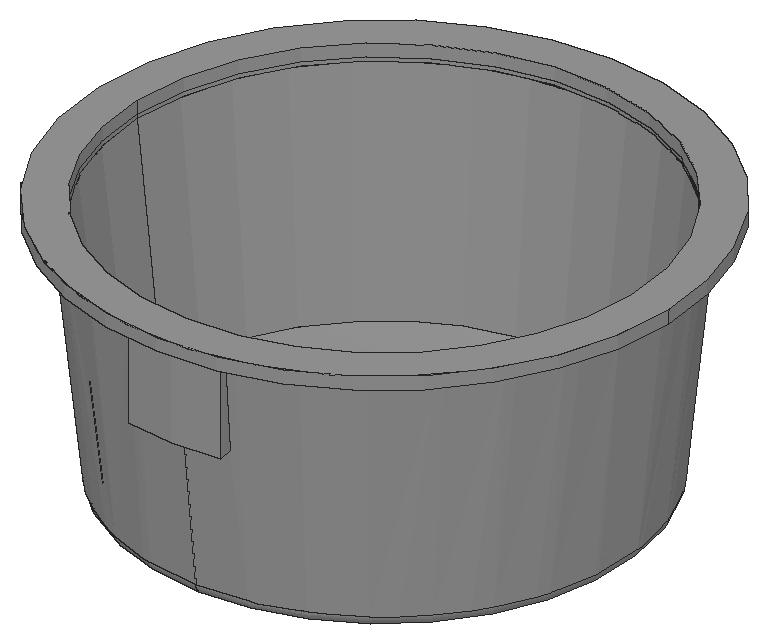
Revit family "BUILDMAT-SGQCSB00-Douglas-Granite-Sink-Black", category Plumbing Fixtures, host Face, Revit 2026
Family settings
  Host = Face
  Round Connector Dimension = Use Diameter
  Part Type = Normal
  Enable Cutting in Views = Yes
  Cut with Voids When Loaded = No
  Maintain Annotation Orientation = No
  Shared = No
  Room Calculation Point = No
Parameters
  Width = 460 mm
  Sink_Material = BUILDMAT Matte Black Granite
  Drain_Material = BUILDMAT Stainless Steel
  Depth = 210 mm
  Default Elevation = 1219.2 mm
Reference planes
  plane 1 "Center (Front/Back)": y = 0
  plane 2: z = 0
  plane 3 "Center (Left/Right)": x = 0
  plane 4: x = 230
  plane 5: x = -230
  plane 6: x = -200
  plane 7: x = 200
  plane 8: y = -230
  plane 9: y = 230
  plane 10: y = 200
  plane 11: y = -200
  plane 12: z = 10
  plane 13: z = -195
  plane 14: z = -200
  plane 15: x = -45
  plane 16: x = 45
  plane 17: y = -180
  plane 18: y = 180
  plane 19: z = -180
  plane 20: z = -185
  plane 21: x = 57
  plane 22: x = -57
  plane 23: y = 137.5
  plane 24: y = 23.5
  plane 25: y = 35.46
  plane 26: y = 125.476
Forms (mm)
  Extrusion 1, void
    sketch origin (0, -97.938, 0) x (1, 0, 0) y (0, 1, 0)
      loop
        circle (0, 97.931) r 215
    from -200 to 10
  Extrusion 2, solid, material "BUILDMAT Matte Black Granite" <- "Sink_Material"
    sketch origin (0, 0, 0) x (1, 0, 0) y (0, 1, 0)
      loop
        circle (0, 0) r 215
      loop
        circle (0, 0) r 200
    from -3 to 0
  Revolve 3, solid, material "BUILDMAT Matte Black Granite" <- "Sink_Material"
    sketch origin (0, 0, 0) x (0, 1, 0) y (0, 0, 1)
      loop
        line (210, -3) -> (0, -3) -> (0, -195) -> (180.988, -195)
        arc (180.988, -195) -> (187.682, -192.428) -> (190.934, -186.036) r 10
        line (190.934, -186.036) -> (210, -3)
      axis (0, -195) -> (0, -3)
    angle from 0 to 360
  Extrusion 4, solid, material "BUILDMAT Matte Black Granite" <- "Sink_Material"
    sketch origin (0, 0, 0) x (1, 0, 0) y (0, 1, 0)
      loop
        circle (0, 0) r 230
      loop
        circle (0, 0) r 200
    from 0 to 10
  Revolve 5, solid, material "BUILDMAT Matte Black Granite" <- "Sink_Material"
    sketch origin (0, 0, 0) x (0, 1, 0) y (0, 0, 1)
      loop
        line (-215, -3) -> (-215, -73) -> (-200, -73) -> (-207.034, -3) -> (-215, -3)
      axis (0, -73) -> (0, -3)
    angle from -10 to 10
  Blend 6, void
    base sketch origin (0, 0, 0) x (1, 0, 0) y (0, 1, 0)
      loop
        circle (0, 0) r 180
    top sketch origin (0, 0, 0) x (1, 0, 0) y (0, 1, 0)
      loop
        circle (0, 0) r 200
    from -180 to 0
  Blend 7, void
    base sketch origin (0, 0, 0) x (1, 0, 0) y (0, 1, 0)
      loop
        circle (0, 80.5) r 57
    top sketch origin (0, 0, 0) x (1, 0, 0) y (0, 1, 0)
      loop
        circle (0, 0) r 180
    from -185 to -180
  Revolve 8, solid
    sketch origin (0, 0, 0) x (0, 1, 0) y (0, 0, 1)
      loop
        line (10.648, -195) -> (15.648, -200) -> (35.46, -200) -> (35.46, -195) -> (10.648, -195)
      axis (80.418, -195) -> (80.418, -200)
    angle from 0 to 360
  Revolve 9, void
    sketch origin (0, 0, 0) x (0, 1, 0) y (0, 0, 1)
      loop
        line (80.518, -185) -> (80.518, -195) -> (125.476, -195) -> (125.476, -190) -> (137.5, -190) -> (137.5, -185) -> (80.518, -185)
      axis (80.518, -195) -> (80.518, -185)
    angle from 0 to 360
  Revolve 10, solid, material "BUILDMAT Stainless Steel" <- "Drain_Material"
    sketch origin (-229.098, 80.476, 1224.2) x (-1, 0, 0) y (0, 0, 1)
      loop
        line (-184.098, -1419.2) -> (-172.098, -1419.2) -> (-172.098, -1409.2) -> (-182.098, -1409.2)
        arc (-182.098, -1409.2) -> (-183.512, -1409.786) -> (-184.098, -1411.2) r 2
        line (-184.098, -1411.2) -> (-184.098, -1419.2)
      axis (-229.098, -1409.2) -> (-229.098, -1419.2)
    angle from 0 to 360
  Revolve 11, solid, material "BUILDMAT Stainless Steel" <- "Drain_Material"
    sketch origin (-229.098, 80.476, 1224.2) x (-1, 0, 0) y (0, 0, 1)
      loop
        line (-184.098, -1411.2) -> (-186.098, -1411.2)
        spline (-186.098, -1411.2) -> (-186.465, -1411.853) -> (-187.563, -1412.494) -> (-189.371, -1413.113) -> (-191.858, -1413.7) -> (-194.983, -1414.244) -> (-198.692, -1414.736) -> (-202.921, -1415.167) -> (-207.598, -1415.53) -> (-212.642, -1415.819) -> (-217.968, -1416.03) -> (-223.485, -1416.157) -> (-229.098, -1416.2)
        line (-229.098, -1416.2) -> (-229.098, -1419.2) -> (-184.098, -1419.2) -> (-184.098, -1411.2)
      axis (-229.098, -1411.2) -> (-229.098, -1419.2)
    angle from 0 to 360
Cuts and joins
  Revolve 9 cuts Extrusion 2
  Blend 6, Blend 7, Revolve 9 cuts Revolve 3
  Revolve 9 cuts Extrusion 4
  Revolve 9 cuts Revolve 5
  joined: Extrusion 2, Revolve 3, Extrusion 4, Revolve 5
Text (mm)
  text "Refer to www.buildmat.com.au for the most current product literature. \nAllow a +/- 5mm tolerance for dimensions shown in the product literature. \nPlease note product details are subject to change due to ongoing product development." at (0.056, -1035.857, 0), in view "Ref. Level"
Dimensions and locks
  equal spacing: plane 8, plane 1 "Center (Front/Back)", plane 9
  "Width": plane 5 to plane 4
  plane 5 to plane 6 to plane 7 to plane 4 = 30 mm, 400 mm, 30 mm
  equal spacing: plane 6, plane 3 "Center (Left/Right)", plane 7
  plane 8 to plane 9 = 460 mm
  plane 22 to plane 21 = 114 mm
  plane 15 to plane 16 = 90 mm
  plane 12 to host face = 10 mm
  "Depth": plane 12 to plane 14
  plane 12 to plane 13 = 205 mm
  aligned and locked: plane 2 to host face
  aligned and locked: level to host face
Automatic sketch dimensions
  host sketch curve to host sketch curve = 2438.4 mm  (x2)
  Extrusion 1 sketch curve to plane 3 "Center (Left/Right)" = 0 mm
  plane 1 "Center (Front/Back)" to Extrusion 1 sketch curve = 0.007 mm
  Extrusion 2 sketch curve to Extrusion 2 sketch curve = 0 mm  (x2)
  plane 1 "Center (Front/Back)" to Extrusion 2 sketch curve = 0 mm
  Extrusion 2 sketch curve to plane 3 "Center (Left/Right)" = 0 mm
  Revolve 3 sketch curve to plane 1 "Center (Front/Back)" = 0 mm  (x2)
  Revolve 3 sketch curve to plane 13 = 0 mm  (x2)
  Revolve 3 sketch curve to plane 20 = 0 mm
  Revolve 3 sketch curve to plane 18 = 0.988 mm
  Revolve 3 sketch curve to plane 20 = 1.036 mm
  Revolve 3 sketch curve to level = 3 mm
  Revolve 3 sketch curve to plane 10 = 10 mm
  Revolve 3 sketch curve to Revolve 3 sketch curve = 0 mm
  Extrusion 4 sketch curve to Extrusion 4 sketch curve = 0 mm  (x2)
  plane 1 "Center (Front/Back)" to Extrusion 4 sketch curve = 0 mm
  Extrusion 4 sketch curve to plane 3 "Center (Left/Right)" = 0 mm
  Revolve 5 sketch curve to plane 11 = 0 mm
  Revolve 5 sketch curve to level = 0 mm
  Revolve 5 sketch curve to plane 1 "Center (Front/Back)" = 0 mm
  Revolve 5 sketch curve to level = 3 mm
  Revolve 5 sketch curve to plane 11 = 7.034 mm
  Revolve 5 sketch curve to Revolve 5 sketch curve = 7.966 mm
  Revolve 5 sketch curve to Revolve 5 sketch curve = 70 mm
  Revolve 5 sketch curve to level = 70 mm
  plane 1 "Center (Front/Back)" to Blend 6 sketch curve = 0 mm  (x2)
  Blend 6 sketch curve to plane 3 "Center (Left/Right)" = 0 mm  (x2)
  Blend 7 sketch curve to plane 3 "Center (Left/Right)" = 0 mm  (x2)
  plane 26 to Blend 7 sketch curve = 44.976 mm
  plane 1 "Center (Front/Back)" to Blend 7 sketch curve = 0 mm
  Revolve 8 sketch curve to plane 13 = 0 mm  (x2)
  Revolve 8 sketch curve to plane 14 = 0 mm  (x2)
  Revolve 8 sketch curve to plane 25 = 0 mm
  plane 24 to Revolve 8 sketch curve = 7.852 mm
  Revolve 8 sketch curve to Revolve 8 sketch curve = 5 mm
  Revolve 8 sketch curve to plane 25 = 44.958 mm
  Revolve 9 sketch curve to plane 20 = 0 mm  (x2)
  Revolve 9 sketch curve to plane 13 = 0 mm  (x2)
  Revolve 9 sketch curve to plane 26 = 0 mm
  Revolve 9 sketch curve to plane 23 = 0 mm
  Revolve 9 sketch curve to Revolve 9 sketch curve = 44.958 mm
  Revolve 9 sketch curve to Revolve 9 sketch curve = 5 mm
  Revolve 9 sketch curve to Revolve 9 sketch curve = 0 mm
  Revolve 10 sketch curve to plane 3 "Center (Left/Right)" = 0 mm
  Revolve 10 sketch curve to plane 13 = 0 mm
  Revolve 10 sketch curve to plane 15 = 0 mm
  Revolve 10 sketch curve to plane 20 = 0 mm
  Revolve 10 sketch curve to plane 22 = 0 mm
  Revolve 10 sketch curve to plane 15 = 2 mm
  Revolve 10 sketch curve to plane 14 = 21.089 mm
  plane 19 to Revolve 10 sketch curve = 28.911 mm
  Revolve 11 sketch curve to plane 3 "Center (Left/Right)" = 0 mm  (x2)
  Revolve 11 sketch curve to plane 13 = 0 mm
  Revolve 11 sketch curve to plane 15 = 0 mm
  plane 15 to Revolve 11 sketch curve = 2 mm
  Revolve 11 sketch curve to Revolve 11 sketch curve = 3 mm
  Revolve 11 sketch curve to plane 20 = 2 mm
  Revolve 11 sketch curve to plane 14 = 22.809 mm
  plane 19 to Revolve 11 sketch curve = 24.46 mm
  radius of Extrusion 1 sketch curve = 215 mm
  radius of Extrusion 2 sketch curve = 215 mm
  radius of Extrusion 2 sketch curve = 200 mm
  radius of Extrusion 4 sketch curve = 230 mm
  radius of Extrusion 4 sketch curve = 200 mm
  radius of Blend 6 sketch curve = 180 mm
  radius of Blend 6 sketch curve = 200 mm
  radius of Blend 7 sketch curve = 57 mm
  radius of Blend 7 sketch curve = 180 mm
